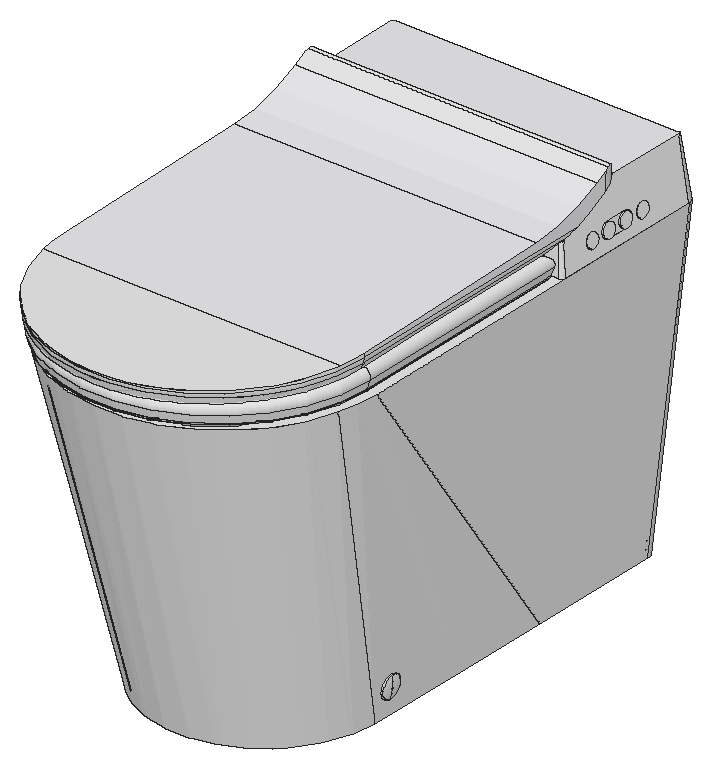
Revit family "NM", category Plumbing Fixtures, host Face, Revit 2022
Family settings
  Host = Face
  Round Connector Dimension = Use Diameter
  Part Type = Normal
  OmniClass Number = 23.31.19.00
  Cut with Voids When Loaded = No
  Maintain Annotation Orientation = No
  Shared = No
  Room Calculation Point = No
Parameters (values of type "0-White")
  Width = 14.49606"  # constant formula
  WaterSense Certified = 1 = 0  # no
  Waste Water Outlet = "Waste Water Outlet"  # constant formula
  Waste Connection = 1 = 1  # yes
  Voltage = 240 V  # constant formula
  Vent Connection = 1 = 0  # no
  URL = "https://www.kohler.com.vn/en/"
  Type = 1
  Seat Included = 1 = 0  # no
  Rough-In = 12 1/128"  # constant formula
  Product Page URL = ""
  Product Name = "Leap"  # constant formula
  Product Documentation Link = ""
  Pressure = 0.00 psi
  Model = if(Type = 1, "K-28529NM-0", "NA")  # "K-28529NM-0"
  Material = "Vitreous China"  # constant formula
  Master Format 2014 Name = "Residential Water Closets"  # constant formula
  Master Format 2014 = "22 42 13.13"  # constant formula
  Manufacturer Address = "Suite 1805, 18th Floor, CJ building, 2Bis-4-6 Le Thanh Ton, Ben Nghe Ward, District"  # constant formula
  Manufacturer = "Kohler Co."  # constant formula
  Length = 26 205/256"  # constant formula
  Hot Water Inlet = "Hot Water Inlet"  # constant formula
  Height = 19.36614"  # constant formula
  HW Connection = 1 = 0  # no
  Flush Rate- LPF = "LPF"
  Flush Rate- GPF = "GPF"
  Flow Rate = 0 GPM
  Finish = Kohler-Vitreous_China-0-White
  Environmental Product Declaration = ""
  Electrical Note = "One Dedicated Circuit Required"  # constant formula
  Electrical Connector = 1 = 1  # yes
  Description = "Intelligent Toilet S305"  # constant formula
  Default Elevation = 0"
  Declare Label = ""
  Date Modified = "04/01/2025"  # constant formula
  Date Created = "04/01/2025"  # constant formula
  Copyright = "Copyright Kohler Co."  # constant formula
  Contact Us = "https://www.kohler.com.vn/en/contact-us"
  Cold Water Inlet = "Cold Water Inlet"  # constant formula
  CW Connection = 1 = 1  # yes
  Bowl Height = 15.74803"  # constant formula
  Assembly Code = "D2010100"
  Apparent Load = 1200 VA  # constant formula
  ADA Compliant = 1 = 0  # no
Reference planes (in)
  plane 1 "Center (Front/Back)": y = 0
  plane 2: z = 0
  plane 3 "Center (Left/Right)": x = 0
  plane 4: z = 19.36614
  plane 5: z = 15.74803
  plane 6: x = -7.24803
  plane 7: x = 7.24803
  plane 8: z = 4.05092
  plane 9: z = 4.63274
  plane 10: x = 6.00984
  plane 11: x = -5.98918
  plane 12: y = -0.78734
  plane 13: y = -27.58812
  plane 14: z = 1.37402
  plane 15: y = -16.74803
  plane 16: y = -12.00781
  plane 17: z = 16.93701
  plane 18: y = -4.13386
  plane 19: x = 5.41339
  plane 20: x = -5.41339
  plane 21: y = -21.65348
  plane 22: y = -22.47238
Dimensions and locks (in)
  plane 5 to plane 17 = 1.18898"
  "Length": plane 12 to plane 13
  "Height": level to plane 4
  "Rough-In": plane 1 "Center (Front/Back)" to plane 16
  plane 1 "Center (Front/Back)" to plane 15 = 16.74803"
  plane 14 to level = 1.37402"
  "Bowl Height": plane 5 to level
  plane 6 to plane 7 = 14.49606"
  plane 11 to plane 10 = 11.99902"
  plane 20 to plane 19 = 10.82677"
  plane 12 to plane 16 = 11.22047"
  plane 16 to plane 22 = 10.46457"
  plane 16 to plane 21 = 9.64567"
  plane 1 "Center (Front/Back)" to plane 12 = 0.78734"
  "Width": plane 6 to plane 7
  plane 9 to level = 4.63274"
  plane 19 to plane 20 = 10.82677"
  aligned and locked: plane 2 to host face
  aligned and locked: level to host face
  aligned and locked: plane 3 "Center (Left/Right)" to nested 1
  aligned and locked: nested 1 to plane 16
Automatic sketch dimensions
  host sketch curve to host sketch curve = 96"  (x2)
Nested families (in)
  nested 1: "K-28529NM" at (0, 0.00006, 0), type "K-28529NM"
Connectors (in)
  piping at (0, -12.00781, 0), diameter 2.63672, driven by "Waste Connection", driven by "Waste Water Outlet"
    settings: on nested 1, index 3, connector inside diameter 24", connector length 0", flow factor 0, pipe flow 0 GPM, pressure drop 0.00 psi, fitting loss kfactor 0, connector angle 0.00°, fixture units 0, engagement length 0", angle of deflection 0.00°, flow configuration 0, flow direction 2, fitting loss method 0, system type 16, joint type 0, gender type 0, connector reference index -1, connector utility 1, adjustable connector no, is connector primary yes, connector description "Waste Water Outlet"
  piping at (-5.98918, -4.1338, 4.63274), diameter 0.375, driven by "CW Connection", driven by "Cold Water Inlet"
    settings: on nested 1, index 4, connector inside diameter 24", connector length 0", flow factor 0, pipe flow 0 GPM, pressure drop 0.00 psi, fitting loss kfactor 0, connector angle 0.00°, fixture units 0, engagement length 0", angle of deflection 0.00°, flow configuration 0, flow direction 1, fitting loss method 0, system type 20, joint type 0, gender type 0, connector reference index -1, connector utility 1, adjustable connector no, is connector primary no, connector description "Cold Water Inlet"
  electrical at (-5.98918, -4.1338, 4.05092), driven by "Voltage", driven by "Apparent Load", driven by "Electrical Connector", driven by "Electrical Note"
    settings: on nested 1, index 5, voltage 240 V, apparent load 1200 VA, apparent load phase1 0 VA, apparent load phase2 0 VA, apparent load phase3 0 VA, power factor 1, load classification "Power", number of poles 1, system type 30, power factor state 1, is connector primary yes, connector utility yes, sub classification motor no, connector description "One Dedicated Circuit Required"
Definition of nested family "K-28529NM"
  Parameters
    Material = none
    Default Elevation = 0"
  Reference planes (in)
    plane 1 "Center (Front/Back)": y = 0
    plane 2: z = 0
    plane 3 "Center (Left/Right)": x = 0
    plane 4: y = -0.7874
    plane 5: y = -12.00787
    plane 6: y = -27.58661
    plane 7: z = 15.74803
    plane 8: z = 19.36614
    plane 9: y = -21.65354
    plane 10: x = 6.00984
    plane 11: x = -5.98918
    plane 12 "aa": through (0, -5.96811, 18.39868) normal (0, 0.4548, -0.8906)
    plane 13 "zz": through (6.83853, 0, 18.59229) normal (-0.9906, 0, -0.1371)
    plane 14: z = 4.05092
    plane 15: y = -4.13386
    plane 16: z = 4.63274
    plane 17: x = -7.24803
    plane 18: x = 7.24803
    plane 19: y = -22.34646
    plane 20: y = -16.74803
    plane 21: z = 1.37402
  Forms (in)
    Blend 1, solid, material <- "Material", detail levels medium+fine
      base sketch origin (0, 0, 0) x (1, 0, 0) y (0, 1, 0)
        loop
          line (-5.35715, -1.25984) -> (-5.35715, -7.67699)
          arc (-5.35715, -7.67699) -> (-5.33221, -12.5375) -> (-5.2574, -17.39749) r 473.65749
          arc (-5.2574, -17.39749) -> (0, -22.54808) -> (5.2574, -17.39749) r 5.25851
          arc (5.2574, -17.39749) -> (5.33221, -12.5375) -> (5.35715, -7.67699) r 473.65749
          line (5.35715, -7.67699) -> (5.35715, -1.25984)
          arc (5.35715, -1.25984) -> (5.21878, -0.92578) -> (4.88471, -0.7874) r 0.47244
          line (4.88471, -0.7874) -> (-4.88471, -0.7874)
          arc (-4.88471, -0.7874) -> (-5.21878, -0.92578) -> (-5.35715, -1.25984) r 0.47244
      top sketch origin (0, 0, 0) x (1, 0, 0) y (0, 1, 0)
        loop
          arc (7.24803, -1.1811) -> (7.13272, -0.90271) -> (6.85433, -0.7874) r 0.3937
          line (6.85433, -0.7874) -> (-6.82273, -0.7874)
          arc (-6.82273, -0.7874) -> (-7.10112, -0.90271) -> (-7.21644, -1.1811) r 0.3937
          line (-7.21644, -1.1811) -> (-7.21644, -19.76739)
          arc (-7.21644, -19.76739) -> (-7.11617, -20.96747) -> (-6.81816, -22.13427) r 7.23223
          arc (-6.81816, -22.13427) -> (0.24036, -26.99613) -> (6.9835, -21.70552) r 7.23223
          arc (6.9835, -21.70552) -> (7.18159, -20.74544) -> (7.24803, -19.76739) r 7.23223
          line (7.24803, -19.76739) -> (7.24803, -1.1811)
      from 0 to 15.74803
    Blend 2, solid, material <- "Material", detail levels medium+fine
      base sketch origin (0, 0, 0) x (1, 0, 0) y (0, 1, 0)
        loop
          arc (1.04424, -15.20312) -> (1.28968, -14.4358) -> (1.03191, -13.67253) r 1.28972
          arc (1.03191, -13.67253) -> (0.12136, -13.16219) -> (-0.86868, -13.49289) r 1.28972
          arc (-0.86868, -13.49289) -> (-1.27739, -14.26822) -> (-1.09617, -15.12575) r 1.28972
          arc (-1.09617, -15.12575) -> (-0.04659, -15.73507) -> (1.04424, -15.20312) r 1.28972
      top sketch origin (0, 0, 0) x (1, 0, 0) y (0, 1, 0)
        loop
          arc (-5.08401, -22.50659) -> (0, -26.1414) -> (5.08401, -22.50659) r 5.37291
          arc (5.08401, -22.50659) -> (5.80138, -19.00553) -> (5.61376, -15.43665) r 14.07332
          arc (5.61376, -15.43665) -> (0, -10.75147) -> (-5.61376, -15.43665) r 5.70578
          arc (-5.61376, -15.43665) -> (-5.80138, -19.00553) -> (-5.08401, -22.50659) r 14.07332
      from 6.62557 to 15.74803
    Blend 3, void
      base sketch origin (0, 0, 0) x (1, 0, 0) y (0, 1, 0)
        loop
          arc (-1.28724, -13.93558) -> (-1.23658, -14.6763) -> (-1.17662, -15.41633) r 59.18802
          arc (-1.17662, -15.41633) -> (0, -16.49467) -> (1.17662, -15.41633) r 1.1811
          arc (1.17662, -15.41633) -> (1.23658, -14.6763) -> (1.28724, -13.93558) r 59.18802
          arc (1.28724, -13.93558) -> (0, -12.56592) -> (-1.28724, -13.93558) r 1.28972
      top sketch origin (0, 0, 0) x (1, 0, 0) y (0, 1, 0)
        loop
          arc (-5.08401, -22.50659) -> (0, -26.1414) -> (5.08401, -22.50659) r 5.37291
          arc (5.08401, -22.50659) -> (5.80138, -19.00553) -> (5.61376, -15.43665) r 14.07332
          arc (5.61376, -15.43665) -> (0, -10.75147) -> (-5.61376, -15.43665) r 5.70578
          arc (-5.61376, -15.43665) -> (-5.80138, -19.00553) -> (-5.08401, -22.50659) r 14.07332
      from 6.62557 to 15.74803
    Sweep 4, solid, material <- "Material", detail levels medium+fine
      path origin (0, 0, 0) x (0, 1, 0) y (0, 0, 1)
        loop
          line (-12.00787, -5.776) -> (-12.00787, 0.32888)
          arc (-12.00787, 0.32888) -> (-11.40267, 1.98153) -> (-9.87331, 2.85249) r 2.55906
          arc (-9.87331, 2.85249) -> (-6.76803, 3.86344) -> (-4.093, 5.73669) r 11.06673
          arc (-4.093, 5.73669) -> (-4.0493, 9.04716) -> (-7.35978, 9.00346) r 2.31076
          arc (-7.35978, 9.00346) -> (-9.79631, 6.79875) -> (-12.5397, 4.99008) r 21.55142
          arc (-12.5397, 4.99008) -> (-13.87, 5.00708) -> (-14.5303, 6.16207) r 1.34031
          line (-14.5303, 6.16207) -> (-14.5303, 11.74274)
      profile origin (0, -12.00787, -2.72356) x (0, -1, 0) y (1, 0, 0)
        loop
          circle (0, 0) r 1.33858
    Blend 5, solid, detail levels medium+fine
      base sketch origin (0, 0, 0) x (1, 0, 0) y (0, 1, 0)
        loop
          line (-7.23223, -1.1811) -> (-7.23223, -8.49563)
          arc (-7.23223, -8.49563) -> (-7.17458, -8.63482) -> (-7.03538, -8.69248) r 0.19685
          line (-7.03538, -8.69248) -> (-6.17053, -8.69248)
          arc (-6.17053, -8.69248) -> (-6.03134, -8.75013) -> (-5.97368, -8.88933) r 0.19685
          line (-5.97368, -8.88933) -> (-5.97368, -12.09458)
          arc (-5.97368, -12.09458) -> (-5.91603, -12.23377) -> (-5.77683, -12.29143) r 0.19685
          line (-5.77683, -12.29143) -> (5.73302, -12.29143)
          arc (5.73302, -12.29143) -> (5.87221, -12.23377) -> (5.92987, -12.09458) r 0.19685
          line (5.92987, -12.09458) -> (5.92987, -8.88319)
          arc (5.92987, -8.88319) -> (5.98753, -8.74399) -> (6.12672, -8.68634) r 0.19685
          line (6.12672, -8.68634) -> (7.03538, -8.68634)
          arc (7.03538, -8.68634) -> (7.17458, -8.62868) -> (7.23223, -8.48948) r 0.19685
          line (7.23223, -8.48948) -> (7.23223, -1.1811)
          arc (7.23223, -1.1811) -> (7.11692, -0.90271) -> (6.83853, -0.7874) r 0.3937
          line (6.83853, -0.7874) -> (-6.83853, -0.7874)
          arc (-6.83853, -0.7874) -> (-7.11692, -0.90271) -> (-7.23223, -1.1811) r 0.3937
      top sketch origin (0, 0, 0) x (1, 0, 0) y (0, 1, 0)
        loop
          line (-6.83853, -1.29921) -> (-6.83853, -8.18067)
          arc (-6.83853, -8.18067) -> (-6.80394, -8.26418) -> (-6.72042, -8.29878) r 0.11811
          line (-6.72042, -8.29878) -> (-5.65872, -8.29878)
          arc (-5.65872, -8.29878) -> (-5.60305, -8.32184) -> (-5.57998, -8.37752) r 0.07874
          line (-5.57998, -8.37752) -> (-5.57998, -11.81899)
          arc (-5.57998, -11.81899) -> (-5.55692, -11.87466) -> (-5.50124, -11.89773) r 0.07874
          line (-5.50124, -11.89773) -> (5.45743, -11.89773)
          arc (5.45743, -11.89773) -> (5.51311, -11.87466) -> (5.53617, -11.81899) r 0.07874
          line (5.53617, -11.81899) -> (5.53617, -8.37137)
          arc (5.53617, -8.37137) -> (5.55923, -8.3157) -> (5.61491, -8.29263) r 0.07874
          line (5.61491, -8.29263) -> (6.75979, -8.29263)
          arc (6.75979, -8.29263) -> (6.81547, -8.26957) -> (6.83853, -8.21389) r 0.07874
          line (6.83853, -8.21389) -> (6.83853, -1.29921)
          arc (6.83853, -1.29921) -> (6.80394, -1.2157) -> (6.72042, -1.1811) r 0.11811
          line (6.72042, -1.1811) -> (-6.72042, -1.1811)
          arc (-6.72042, -1.1811) -> (-6.80394, -1.2157) -> (-6.83853, -1.29921) r 0.11811
      from 15.74803 to 18.59229
    Extrusion 6, void
      sketch origin (0, 0, 0) x (0, 1, 0) y (0, 0, 1)
        loop
          line (-13.03567, 16.96863) -> (-10.47661, 16.96863)
          arc (-10.47661, 16.96863) -> (-7.28224, 17.51541) -> (-4.45158, 19.09347) r 9.6045
          line (-4.45158, 19.09347) -> (-4.45158, 22.00586) -> (-13.03567, 22.00586) -> (-13.03567, 16.96863)
      from -7.81269 to 7.85948
    Sweep 7, solid, detail levels medium+fine
      path origin (0, 0, 0) x (1, 0, 0) y (0, 1, 0)
        loop
          line (-5.97368, -9.1348) -> (-7.23757, -9.1348) -> (-7.23757, -20.10729)
          arc (-7.23757, -20.10729) -> (-0.00004, -27.34483) -> (7.2375, -20.10729) r 7.23754
          line (7.2375, -20.10729) -> (7.2375, -9.13429) -> (5.92987, -9.13429)
      profile origin (-0.00004, -27.34483, 0) x (0, 1, 0) y (0, 0, 1)
        loop
          line (0.76134, 16.98035) -> (0.4043, 16.98035)
          arc (0.4043, 16.98035) -> (0.09009, 16.82386) -> (0.02566, 16.47879) r 0.3937
          line (0.02566, 16.47879) -> (0.13962, 16.07874)
          arc (0.13962, 16.07874) -> (0.14839, 16.06496) -> (0.16327, 16.05821) r 0.02866
          line (0.16327, 16.05821) -> (0.17897, 16.00311)
          arc (0.17897, 16.00311) -> (0.187, 15.98997) -> (0.20065, 15.98285) r 0.02877
          line (0.20065, 15.98285) -> (0.56449, 15.90552) -> (0.76134, 15.90552) -> (0.76134, 16.98035)
    Sweep 8, solid, detail levels medium+fine
      path origin (0, 0, 0) x (1, 0, 0) y (0, 1, 0)
        loop
          arc (2.4823, -23.64191) -> (3.9236, -19.97802) -> (3.8441, -16.04163) r 10.03318
          arc (3.8441, -16.04163) -> (0, -12.95489) -> (-3.8441, -16.04163) r 3.93701
          arc (-3.8441, -16.04163) -> (-3.9236, -19.97802) -> (-2.4823, -23.64191) r 10.03318
          arc (-2.4823, -23.64191) -> (0, -24.99561) -> (2.4823, -23.64191) r 2.95276
      profile origin (0, -24.99561, 0) x (0, -1, 0) y (0, 0, 1)
        loop
          line (1.13914, 15.90642) -> (1.13914, 16.98035) -> (0.92069, 16.98035)
          arc (0.92069, 16.98035) -> (0.53316, 16.865) -> (0.27179, 16.55651) r 0.70866
          line (0.27179, 16.55651) -> (-0.08308, 15.74803) -> (0.31743, 15.74803) -> (0.43458, 15.80815)
          arc (0.43458, 15.80815) -> (0.63212, 15.8815) -> (0.84137, 15.90642) r 0.89105
          line (0.84137, 15.90642) -> (1.13914, 15.90642)
    Extrusion 9, solid, detail levels medium+fine
      sketch origin (0, 0, 0) x (1, 0, 0) y (0, 1, 0)
        loop
          arc (-6.47623, -20.10729) -> (-0.00004, -26.58349) -> (6.47616, -20.10729) r 6.4762
          line (6.47616, -20.10729) -> (6.47616, -9.1348) -> (-6.47623, -9.1348) -> (-6.47623, -20.10729)
        loop
          arc (-4.95636, -15.79562) -> (-5.04488, -20.17893) -> (-3.43994, -24.25881) r 11.17232
          arc (-3.43994, -24.25881) -> (0, -26.13475) -> (3.43994, -24.25881) r 4.0919
          arc (3.43994, -24.25881) -> (5.04488, -20.17893) -> (4.95636, -15.79562) r 11.17232
          arc (4.95636, -15.79562) -> (0, -11.81575) -> (-4.95636, -15.79562) r 5.07615
      from 15.90552 to 16.98035
    Sweep 10, solid, detail levels medium+fine
      path origin (0, 0, 0) x (1, 0, 0) y (0, 1, 0)
        loop
          line (-7.17495, -6.04971) -> (-7.17495, -20.41351)
          arc (-7.17495, -20.41351) -> (-0.00072, -27.58774) -> (7.17351, -20.41351) r 7.17423
          line (7.17351, -20.41351) -> (7.17351, -6.04971)
          arc (7.17351, -6.04971) -> (6.91982, -5.43726) -> (6.30737, -5.18357) r 0.86614
          line (6.30737, -5.18357) -> (-6.3088, -5.18357)
          arc (-6.3088, -5.18357) -> (-6.92126, -5.43726) -> (-7.17495, -6.04971) r 0.86614
      profile origin (-0.00072, -27.58774, 0) x (0, 1, 0) y (0, 0, 1)
        loop
          line (0, 19.4496) -> (0, 17.55087)
          arc (0, 17.55087) -> (0.0072, 17.44465) -> (0.02866, 17.34037) r 0.7874
          line (0.02866, 17.34037) -> (0.12235, 17.00267) -> (0.46752, 17.00267) -> (0.46752, 19.4496) -> (0, 19.4496)
    Extrusion 11, solid, detail levels medium+fine
      sketch origin (0, 0, 0) x (1, 0, 0) y (0, 1, 0)
        loop
          arc (-6.70743, -20.41351) -> (-0.00072, -27.12022) -> (6.70599, -20.41351) r 6.70671
          line (6.70599, -20.41351) -> (6.70599, -6.04971)
          arc (6.70599, -6.04971) -> (6.58924, -5.76784) -> (6.30737, -5.65109) r 0.39862
          line (6.30737, -5.65109) -> (-6.3088, -5.65109)
          arc (-6.3088, -5.65109) -> (-6.59067, -5.76784) -> (-6.70743, -6.04971) r 0.39862
          line (-6.70743, -6.04971) -> (-6.70743, -20.41351)
      from 17.00267 to 19.4496
    Extrusion 12, void
      sketch origin (0, 0, 0) x (0, 1, 0) y (0, 0, 1)
        loop
          line (-28.0501, 17.61415) -> (-28.0501, 17.02997) -> (-16.53126, 17.17472)
          arc (-16.53126, 17.17472) -> (-13.07574, 17.21488) -> (-9.62016, 17.2485) r 1828.21416
          arc (-9.62016, 17.2485) -> (-8.23545, 17.42197) -> (-6.92756, 17.90874) r 6.0372
          line (-6.92756, 17.90874) -> (-5.96811, 18.39868)
          arc (-5.96811, 18.39868) -> (-5.63076, 18.62807) -> (-5.36067, 18.93381) r 1.63568
          line (-5.36067, 18.93381) -> (-5.55783, 19.22659)
          arc (-5.55783, 19.22659) -> (-5.67337, 19.30761) -> (-5.81343, 19.2905) r 0.19685
          line (-5.81343, 19.2905) -> (-6.54318, 18.90298)
          arc (-6.54318, 18.90298) -> (-8.29159, 18.22153) -> (-10.15011, 17.96225) r 8.07087
          arc (-10.15011, 17.96225) -> (-15.89578, 17.84089) -> (-21.64166, 17.73074) r 2944.52408
          line (-21.64166, 17.73074) -> (-28.0501, 17.61415)
        loop
          line (-28.59758, 20.15324) -> (-28.59758, 16.79498) -> (-4.64315, 16.79498) -> (-4.64315, 20.15324) -> (-28.59758, 20.15324)
      from -8.69124 to 9.84252
    Extrusion 13, void
      sketch origin (0, 0, 0) x (0, 1, 0) y (0, 0, 1)
        loop
          line (-14.54389, 0.01551) -> (-14.54389, -6.10236) -> (-9.81948, -6.10236) -> (-9.81948, 0.01551) -> (-14.54389, 0.01551)
      from -1.92433 to 1.81587
    Revolve 14, solid, detail levels medium+fine
      sketch origin (0, -22.96998, 0) x (1, 0, 0) y (0, 0, 1)
        loop
          line (-5.37058, 16.9566) -> (-5.33474, 16.9566)
          arc (-5.33474, 16.9566) -> (-5.06702, 17.06749) -> (-4.95612, 17.33522) r 0.37862
          line (-4.95612, 17.33522) -> (-4.95612, 17.61811) -> (-5.37058, 17.61811) -> (-5.37058, 16.9566)
        axis (-5.37058, 16.9566) -> (-5.37058, 17.61811)
      angle from 0 to 360
    Revolve 15, solid, detail levels medium+fine
      sketch origin (0, -22.96998, 0) x (-1, 0, 0) y (0, 0, -1)
        loop
          line (-5.37058, -16.9566) -> (-5.37058, -17.61811) -> (-4.95612, -17.61811) -> (-4.95612, -17.33522)
          arc (-4.95612, -17.33522) -> (-5.06702, -17.06749) -> (-5.33474, -16.9566) r 0.37862
          line (-5.33474, -16.9566) -> (-5.37058, -16.9566)
        axis (-5.37058, -16.9566) -> (-5.37058, -17.61811)
      angle from 0 to 360
    Extrusion 16, solid, material <- "Material", detail levels medium+fine
      sketch origin (0, 0, 0) x (1, 0, 0) y (0, 1, 0)
        loop
          line (4.97138, -23.54979) -> (5.28636, -23.23481)
          arc (5.28636, -23.23481) -> (5.28636, -22.95642) -> (5.00797, -22.95642) r 0.19685
          line (5.00797, -22.95642) -> (4.69299, -23.2714)
          arc (4.69299, -23.2714) -> (4.69299, -23.54979) -> (4.97138, -23.54979) r 0.19685
        loop
          arc (-4.97138, -23.54979) -> (-4.69299, -23.54979) -> (-4.69299, -23.2714) r 0.19685
          line (-4.69299, -23.2714) -> (-5.00797, -22.95642)
          arc (-5.00797, -22.95642) -> (-5.28636, -22.95642) -> (-5.28636, -23.23481) r 0.19685
          line (-5.28636, -23.23481) -> (-4.97138, -23.54979)
        loop
          line (6.33859, -16.44818) -> (6.33859, -15.91798)
          arc (6.33859, -15.91798) -> (6.14174, -15.72112) -> (5.94489, -15.91798) r 0.19685
          line (5.94489, -15.91798) -> (5.94489, -16.44818)
          arc (5.94489, -16.44818) -> (6.14174, -16.64503) -> (6.33859, -16.44818) r 0.19685
        loop
          arc (-6.33859, -16.44818) -> (-6.14174, -16.64503) -> (-5.94489, -16.44818) r 0.19685
          line (-5.94489, -16.44818) -> (-5.94489, -15.91798)
          arc (-5.94489, -15.91798) -> (-6.14174, -15.72112) -> (-6.33859, -15.91798) r 0.19685
          line (-6.33859, -15.91798) -> (-6.33859, -16.44818)
      from 15.86858 to 16.40889
    Extrusion 17, solid, detail levels medium+fine
      sketch origin (0, -8.68648, 17.01054) x (0, 0.8906, 0.454787) y (1, 0, 0)
        loop
          line (3.38966, 5.78421) -> (2.59571, 5.78421)
          arc (2.59571, 5.78421) -> (2.39502, 5.70108) -> (2.31189, 5.50039) r 0.28382
          line (2.31189, 5.50039) -> (2.31189, 5.18756)
          arc (2.31189, 5.18756) -> (2.38178, 5.01884) -> (2.5505, 4.94896) r 0.2386
          line (2.5505, 4.94896) -> (3.38966, 4.94896) -> (3.38966, 5.78421)
        loop
          line (3.38966, -4.94414) -> (2.59571, -4.94414)
          arc (2.59571, -4.94414) -> (2.39502, -5.02727) -> (2.31189, -5.22796) r 0.28382
          line (2.31189, -5.22796) -> (2.31189, -5.54079)
          arc (2.31189, -5.54079) -> (2.38178, -5.70951) -> (2.5505, -5.77939) r 0.2386
          line (2.5505, -5.77939) -> (3.38966, -5.77939) -> (3.38966, -4.94414)
      from -0.3851 to 0.65953
    Extrusion 18, void
      sketch origin (2.36162, 0, -0.81484) x (0, 1, 0) y (-0.137112, 0, 0.990556)
        loop
          arc (-5.86097, 16.98312) -> (-6.25015, 16.59394) -> (-5.86097, 16.20477) r 0.38918
          line (-5.86097, 16.20477) -> (-4.84161, 16.20477)
          arc (-4.84161, 16.20477) -> (-4.45243, 16.59394) -> (-4.84161, 16.98312) r 0.38918
          line (-4.84161, 16.98312) -> (-5.86097, 16.98312)
      from 7.03856 to 7.65502
    Extrusion 19, solid, detail levels medium+fine
      sketch origin (9.23512, 0, 1.27832) x (-0.137112, 0, 0.990556) y (0, 1, 0)
        loop
          circle (15.46299, -5.86097) r 0.33465
        loop
          circle (15.46299, -4.84161) r 0.33465
        loop
          circle (15.46299, -6.84522) r 0.33465
        loop
          circle (15.46299, -3.85736) r 0.33465
      from -0.07138 to 0.05702
    Revolve 20, solid, detail levels medium+fine
      sketch origin (0.03691, -4.13386, 0) x (-1, 0, 0) y (0, 0, -1)
        loop
          line (5.98129, -3.5114) -> (5.82665, -2.08435)
          arc (5.82665, -2.08435) -> (5.81218, -2.05791) -> (5.78326, -2.04945) r 0.03937
          line (5.78326, -2.04945) -> (5.70764, -2.05764) -> (5.86653, -3.52384) -> (5.98129, -3.5114)
        axis (5.98129, -3.5114) -> (5.86653, -3.52384)
      angle from 0 to 360
    Extrusion 21, void
      sketch origin (0.14311, 0, 0.5971) x (0, 1, 0) y (-0.104528, 0, 0.994522)
        loop
          line (-3.74016, 3.58755) -> (-3.74016, 5.45057) -> (-4.52756, 5.45057) -> (-4.52756, 3.58755)
          arc (-4.52756, 3.58755) -> (-4.13386, 3.19385) -> (-3.74016, 3.58755) r 0.3937
      from -6.31406 to -5.2628
    Extrusion 22, solid, material <- "Material", detail levels medium+fine
      sketch origin (0, 0, 0) x (1, 0, 0) y (0, 1, 0)
        loop
          circle (0, -12.00787) r 0.7874
      from 0 to 0.43097
    Extrusion 23, solid, material <- "Material", detail levels coarse
      sketch origin (0, 0, 0) x (1, 0, 0) y (0, 1, 0)
        loop
          arc (7.24803, -1.1811) -> (7.13272, -0.90271) -> (6.85433, -0.7874) r 0.3937
          line (6.85433, -0.7874) -> (-6.82273, -0.7874)
          arc (-6.82273, -0.7874) -> (-7.10112, -0.90271) -> (-7.21644, -1.1811) r 0.3937
          line (-7.21644, -1.1811) -> (-7.21644, -19.76739)
          arc (-7.21644, -19.76739) -> (-7.11617, -20.96747) -> (-6.81816, -22.13427) r 7.23223
          arc (-6.81816, -22.13427) -> (0.24036, -26.99613) -> (6.9835, -21.70552) r 7.23223
          arc (6.9835, -21.70552) -> (7.18159, -20.74544) -> (7.24803, -19.76739) r 7.23223
          line (7.24803, -19.76739) -> (7.24803, -1.1811)
      from 0 to 15.74803
    Extrusion 24, solid, detail levels coarse
      sketch origin (0, 0, 0) x (1, 0, 0) y (0, 1, 0)
        loop
          arc (7.23223, -1.1811) -> (7.11692, -0.90271) -> (6.83853, -0.7874) r 0.3937
          line (6.83853, -0.7874) -> (-6.83853, -0.7874)
          arc (-6.83853, -0.7874) -> (-7.11692, -0.90271) -> (-7.23223, -1.1811) r 0.3937
          line (-7.23223, -1.1811) -> (-7.23223, -8.69248) -> (-5.97343, -8.69248) -> (-5.97343, -12.29143) -> (5.92987, -12.29143) -> (5.92987, -8.68634) -> (7.23223, -8.68634) -> (7.23223, -1.1811)
      from 15.74803 to 18.59229
    Extrusion 25, solid, detail levels coarse
      sketch origin (0, 0, 0) x (1, 0, 0) y (0, 1, 0)
        loop
          line (-7.17495, -5.18357) -> (-7.17495, -20.41351)
          arc (-7.17495, -20.41351) -> (-0.00072, -27.58774) -> (7.17351, -20.41351) r 7.17423
          line (7.17351, -20.41351) -> (7.17351, -5.18357) -> (-7.17495, -5.18357)
      from 15.90552 to 19.82764
    Extrusion 26, void
      sketch origin (0, 0, 0) x (0, 1, 0) y (0, 0, 1)
        loop
          line (-28.59758, 17.60418) -> (-21.64166, 17.73074)
          arc (-21.64166, 17.73074) -> (-15.89578, 17.84089) -> (-10.15011, 17.96225) r 2944.52408
          arc (-10.15011, 17.96225) -> (-8.29159, 18.22153) -> (-6.54318, 18.90298) r 8.07087
          line (-6.54318, 18.90298) -> (-5.96502, 19.21)
          arc (-5.96502, 19.21) -> (-5.73008, 19.30008) -> (-5.48034, 19.33071) r 1.03342
          line (-5.48034, 19.33071) -> (-4.64315, 19.33071) -> (-4.64315, 20.15324) -> (-28.59758, 20.15324) -> (-28.59758, 17.60418)
      from -7.85812 to 8.52662
    Extrusion 27, solid, detail levels coarse
      sketch origin (0, 0, 0) x (1, 0, 0) y (0, 1, 0)
        loop
          line (4.97138, -23.54979) -> (5.28636, -23.23481)
          arc (5.28636, -23.23481) -> (5.28636, -22.95642) -> (5.00797, -22.95642) r 0.19685
          line (5.00797, -22.95642) -> (4.69299, -23.2714)
          arc (4.69299, -23.2714) -> (4.69299, -23.54979) -> (4.97138, -23.54979) r 0.19685
        loop
          arc (-4.97138, -23.54979) -> (-4.69299, -23.54979) -> (-4.69299, -23.2714) r 0.19685
          line (-4.69299, -23.2714) -> (-5.00797, -22.95642)
          arc (-5.00797, -22.95642) -> (-5.28636, -22.95642) -> (-5.28636, -23.23481) r 0.19685
          line (-5.28636, -23.23481) -> (-4.97138, -23.54979)
        loop
          line (6.33859, -16.44818) -> (6.33859, -15.91798)
          arc (6.33859, -15.91798) -> (6.14174, -15.72112) -> (5.94489, -15.91798) r 0.19685
          line (5.94489, -15.91798) -> (5.94489, -16.44818)
          arc (5.94489, -16.44818) -> (6.14174, -16.64503) -> (6.33859, -16.44818) r 0.19685
        loop
          arc (-6.33859, -16.44818) -> (-6.14174, -16.64503) -> (-5.94489, -16.44818) r 0.19685
          line (-5.94489, -16.44818) -> (-5.94489, -15.91798)
          arc (-5.94489, -15.91798) -> (-6.14174, -15.72112) -> (-6.33859, -15.91798) r 0.19685
          line (-6.33859, -15.91798) -> (-6.33859, -16.44818)
      from 15.74803 to 15.90552
    Revolve 28, solid, detail levels medium+fine
      sketch origin (0.14339, -16.72606, -0.27619) x (0.998901, 0, 0.046868) y (-0.046868, 0, 0.998901)
        loop
          line (5.02441, 1.43252) -> (5.50519, 1.36608) -> (5.50951, 1.39728)
          arc (5.50951, 1.39728) -> (5.52943, 1.64251) -> (5.5217, 1.88843) r 2.18803
          arc (5.5217, 1.88843) -> (5.48927, 1.91808) -> (5.45693, 1.88833) r 0.0325
          line (5.45693, 1.88833) -> (5.43036, 1.57514) -> (5.05136, 1.62752) -> (5.02441, 1.43252)
        axis (5.50519, 1.36608) -> (5.02441, 1.43252)
      angle from 0 to 360
    Revolve 29, solid, detail levels medium+fine
      sketch origin (-0.09426, -16.74006, -0.23312) x (-0.998901, 0, 0.046868) y (-0.046868, 0, -0.998901)
        loop
          line (5.02441, -1.43252) -> (5.05136, -1.62752) -> (5.43036, -1.57514) -> (5.45693, -1.88833)
          arc (5.45693, -1.88833) -> (5.48927, -1.91808) -> (5.5217, -1.88843) r 0.0325
          arc (5.5217, -1.88843) -> (5.52943, -1.64251) -> (5.50951, -1.39728) r 2.18803
          line (5.50951, -1.39728) -> (5.50519, -1.36608) -> (5.02441, -1.43252)
        axis (5.50519, -1.36608) -> (5.02441, -1.43252)
      angle from 0 to 360
    Extrusion 30, solid, detail levels medium+fine
      sketch origin (0, 0, 0) x (0, 1, 0) y (0, 0, 1)
        loop
          circle (-4.13386, 4.63274) r 0.11811
        loop
          circle (-4.13386, 4.05092) r 0.11811
      from -5.98918 to -5.79876
    Extrusion 31, void
      sketch origin (0, 0, 0) x (0, 1, 0) y (0, 0, 1)
        loop
          circle (-1.90018, 17.16295) r 0.16054
        loop
          arc (-5.05206, 17.84168) -> (-5.06971, 17.88429) -> (-5.11232, 17.90193) r 0.06025
          line (-5.11232, 17.90193) -> (-6.02914, 17.90193) -> (-6.84257, 17.45104)
          arc (-6.84257, 17.45104) -> (-6.88039, 17.41449) -> (-6.89484, 17.36391) r 0.10149
          line (-6.89484, 17.36391) -> (-6.92096, 15.74016) -> (-5.05206, 15.74016) -> (-5.05206, 17.84168)
      from -7.58906 to -6.47623
    Extrusion 32, solid, detail levels medium+fine
      sketch origin (-1.9685, 0, 0) x (0, 1, 0) y (0, 0, 1)
        loop
          circle (-1.90018, 17.16295) r 0.16054
      from -5.14703 to -4.96668
    Extrusion 33, solid, detail levels medium+fine
      sketch origin (0, 0, 0) x (0, 1, 0) y (0, 0, 1)
        loop
          line (-5.05994, 15.74803) -> (-5.05994, 17.84168)
          arc (-5.05994, 17.84168) -> (-5.07528, 17.87872) -> (-5.11232, 17.89406) r 0.05238
          line (-5.11232, 17.89406) -> (-6.02711, 17.89406) -> (-6.83875, 17.44416)
          arc (-6.83875, 17.44416) -> (-6.87364, 17.41044) -> (-6.88697, 17.36379) r 0.09361
          line (-6.88697, 17.36379) -> (-6.91296, 15.74803) -> (-5.05994, 15.74803)
      from -7.55058 to -6.131
    Extrusion 34, void
      sketch origin (0, 0, 0) x (1, 0, 0) y (0, 0, 1)
        loop
          line (-7.24725, 15.63953) -> (-6.83853, 18.59229) -> (-7.82278, 18.59229) -> (-7.82278, 15.63953) -> (-7.24725, 15.63953)
      from 1.1811 to 7.47962
    Blend 35, void
      base sketch origin (0, 0, 0) x (1, 0, 0) y (0, 1, 0)
        loop
          arc (5.1603, -1.37795) -> (5.04499, -1.09956) -> (4.7666, -0.98425) r 0.3937
          line (4.7666, -0.98425) -> (-4.7666, -0.98425)
          arc (-4.7666, -0.98425) -> (-5.04499, -1.09956) -> (-5.1603, -1.37795) r 0.3937
          line (-5.1603, -1.37795) -> (-5.1603, -7.67699)
          arc (-5.1603, -7.67699) -> (-5.13537, -12.53548) -> (-5.06059, -17.39345) r 473.46064
          arc (-5.06059, -17.39345) -> (0, -22.35123) -> (5.06059, -17.39345) r 5.06166
          arc (5.06059, -17.39345) -> (5.13537, -12.53548) -> (5.1603, -7.67699) r 473.46064
          line (5.1603, -7.67699) -> (5.1603, -1.37795)
      top sketch origin (0, 0, 0) x (1, 0, 0) y (0, 1, 0)
        loop
          line (7.05118, -19.76739) -> (7.05118, -1.1811)
          arc (7.05118, -1.1811) -> (6.99352, -1.04191) -> (6.85433, -0.98425) r 0.19685
          line (6.85433, -0.98425) -> (-6.83853, -0.98425)
          arc (-6.83853, -0.98425) -> (-6.94702, -1.01685) -> (-7.01958, -1.10384) r 0.19685
          line (-7.01958, -1.10384) -> (-7.01958, -19.76739)
          arc (-7.01958, -19.76739) -> (-6.92205, -20.9348) -> (-6.63215, -22.06985) r 7.03538
          arc (-6.63215, -22.06985) -> (0.23425, -26.79938) -> (6.79385, -21.65276) r 7.03538
          arc (6.79385, -21.65276) -> (6.98655, -20.71881) -> (7.05118, -19.76739) r 7.03538
      from 0 to 15.36421
    Blend 36, void
      base sketch origin (0, 0, 0) x (1, 0, 0) y (0, 1, 0)
        loop
          arc (-1.08662, -15.00596) -> (-0.09698, -15.62622) -> (0.94193, -15.09259) r 1.1811
          arc (0.94193, -15.09259) -> (1.13433, -14.42547) -> (0.91865, -13.76552) r 1.1811
          arc (0.91865, -13.76552) -> (0.12696, -13.27791) -> (-0.77228, -13.51432) r 1.1811
          arc (-0.77228, -13.51432) -> (-1.20231, -14.20264) -> (-1.08662, -15.00596) r 1.1811
      top sketch origin (0, 0, 0) x (1, 0, 0) y (0, 1, 0)
        loop
          arc (-4.97225, -22.46838) -> (0, -26.02329) -> (4.97225, -22.46838) r 5.2548
          arc (4.97225, -22.46838) -> (5.6836, -18.9967) -> (5.49755, -15.45778) r 13.95521
          arc (5.49755, -15.45778) -> (0, -10.86958) -> (-5.49755, -15.45778) r 5.58767
          arc (-5.49755, -15.45778) -> (-5.6836, -18.9967) -> (-4.97225, -22.46838) r 13.95521
      from 6.62557 to 15.74803
    Extrusion 37, void
      sketch origin (0, 0, 0) x (1, 0, 0) y (0, 0, 1)
        loop
          arc (4.10687, 1.20949) -> (4.62862, 1.40716) -> (4.8884, 1.90093) r 0.7874
          line (4.8884, 1.90093) -> (6.2903, 13.31847)
          arc (6.2903, 13.31847) -> (6.1944, 13.62732) -> (5.89954, 13.76015) r 0.3937
          line (5.89954, 13.76015) -> (-5.79613, 13.76015)
          arc (-5.79613, 13.76015) -> (-6.08974, 13.62873) -> (-6.18734, 13.32223) r 0.3937
          line (-6.18734, 13.32223) -> (-4.89727, 1.90846)
          arc (-4.89727, 1.90846) -> (-4.63943, 1.40968) -> (-4.11485, 1.20949) r 0.7874
          line (-4.11485, 1.20949) -> (4.10687, 1.20949)
      from 0 to 3.74016
    Extrusion 38, solid, material <- "Material", detail levels medium+fine
      sketch origin (0, 0, 0) x (1, 0, 0) y (0, 0, 1)
        loop
          line (0.279, 0.43097) -> (0.279, 11.83266)
          arc (0.279, 11.83266) -> (0.33666, 11.97185) -> (0.47585, 12.02951) r 0.19685
          line (0.47585, 12.02951) -> (0.92786, 12.02951)
          arc (0.92786, 12.02951) -> (1.06705, 12.08717) -> (1.12471, 12.22636) r 0.19685
          line (1.12471, 12.22636) -> (1.12471, 12.97274)
          arc (1.12471, 12.97274) -> (1.35533, 13.52952) -> (1.91211, 13.76015) r 0.7874
          line (1.91211, 13.76015) -> (2.69951, 13.76015) -> (2.69951, 15.74803) -> (-2.71388, 15.74803) -> (-2.71388, 13.76015) -> (-1.92647, 13.76015)
          arc (-1.92647, 13.76015) -> (-1.3697, 13.52952) -> (-1.13907, 12.97274) r 0.7874
          line (-1.13907, 12.97274) -> (-1.13907, 12.22636)
          arc (-1.13907, 12.22636) -> (-1.08142, 12.08717) -> (-0.94222, 12.02951) r 0.19685
          line (-0.94222, 12.02951) -> (-0.49022, 12.02951)
          arc (-0.49022, 12.02951) -> (-0.35102, 11.97185) -> (-0.29337, 11.83266) r 0.19685
          line (-0.29337, 11.83266) -> (-0.29337, 0.43097) -> (0.279, 0.43097)
      from 0.7874 to 25.74175
    Extrusion 39, solid, material <- "Material", detail levels medium+fine
      sketch origin (0, 0, 0) x (1, 0, 0) y (0, 1, 0)
        loop
          line (2.82267, -14.23203) -> (5.11686, -14.23203)
          arc (5.11686, -14.23203) -> (5.16221, -7.60813) -> (5.11458, -0.98425) r 471.94183
          line (5.11458, -0.98425) -> (-5.11449, -0.98425)
          arc (-5.11449, -0.98425) -> (-5.16217, -7.60813) -> (-5.11677, -14.23203) r 471.36904
          line (-5.11677, -14.23203) -> (-2.88599, -14.23203)
          arc (-2.88599, -14.23203) -> (-0.03166, -15.60086) -> (2.82267, -14.23203) r 3.6604
      from 0.43097 to 1.20949
    Blend 40, void
      base sketch origin (0, 0, 0) x (1, 0, 0) y (0, 1, 0)
        loop
          line (-5.04274, -17.74797) -> (-7.21644, -17.74797) -> (-7.21644, -28.81508) -> (7.24803, -28.81508) -> (7.24803, -17.39775) -> (5.06234, -17.39775)
          arc (5.06234, -17.39775) -> (0.17546, -22.35268) -> (-5.04274, -17.74797) r 5.06336
      top sketch origin (0, 0, 0) x (1, 0, 0) y (0, 1, 0)
        loop
          line (-6.9411, -19.64928) -> (-7.33455, -19.64928) -> (-7.33455, -28.93319) -> (7.86163, -28.93319) -> (7.86163, -19.98918) -> (6.95511, -19.98918)
          arc (6.95511, -19.98918) -> (-0.17014, -27.06136) -> (-6.9411, -19.64928) r 6.95615
      from 0 to 15.74803
    Extrusion 41, void
      sketch origin (0, 0, 0) x (0, 1, 0) y (0, 0, 1)
        loop
          line (-14.96063, 6.99682) -> (-20.73021, 12.02951) -> (-27.26467, 12.02951) -> (-23.66548, -0.38016) -> (-14.96063, -0.38016) -> (-14.96063, 6.99682)
      from -1.52206 to 1.12471
    Extrusion 42, solid, material <- "Material", detail levels medium+fine
      sketch origin (0, 0, 0) x (1, 0, 0) y (0, 0, 1)
        loop
          line (5.61695, 12.88428) -> (4.43536, 2.26315)
          arc (4.43536, 2.26315) -> (4.47658, 2.11931) -> (4.60702, 2.046) r 0.19685
          line (4.60702, 2.046) -> (5.38481, 1.9505) -> (6.75545, 13.11348) -> (5.87306, 13.11348)
          arc (5.87306, 13.11348) -> (5.70121, 13.04781) -> (5.61695, 12.88428) r 0.25769
        loop
          arc (-5.64847, 12.88428) -> (-5.73273, 13.04781) -> (-5.90457, 13.11348) r 0.25769
          line (-5.90457, 13.11348) -> (-6.57895, 13.11348) -> (-5.21139, 1.97566) -> (-4.63853, 2.046)
          arc (-4.63853, 2.046) -> (-4.5081, 2.11931) -> (-4.46688, 2.26315) r 0.19685
          line (-4.46688, 2.26315) -> (-5.64847, 12.88428)
      from 0.95584 to 2.56391
  Cuts and joins
    Blend 3, Blend 35, Extrusion 37 cuts Blend 1
    Blend 36, Blend 40, Extrusion 41 cuts Extrusion 38
    joined: Blend 1, Extrusion 38, Extrusion 39, Extrusion 42
    Extrusion 13, Blend 36 cuts Sweep 4
    Extrusion 6, Extrusion 18, Extrusion 31 cuts Blend 5
    joined: Sweep 7, Sweep 8, Extrusion 9
    Extrusion 12 cuts Sweep 10
    Extrusion 12 cuts Extrusion 11
    joined: Sweep 10, Extrusion 11
    Extrusion 21 cuts Revolve 20
    joined: Revolve 20, Extrusion 30
    Extrusion 26 cuts Extrusion 25
    Extrusion 6 cuts Extrusion 24
    Extrusion 34 cuts Extrusion 32
    Extrusion 34 cuts Extrusion 33
    Blend 36 cuts Blend 2
  Lines and regions (in)
    Masking region 1
      outline origin (0, 0, 0) x (1, 0, 0) y (0, 1, 0)
        loop
          line (6.73622, -0.7874) -> (-6.73622, -0.7874)
          arc (-6.73622, -0.7874) -> (-7.09813, -0.93731) -> (-7.24803, -1.29921) r 0.51181
          line (-7.24803, -1.29921) -> (-7.24803, -12.72629)
          arc (-7.24803, -12.72629) -> (-7.21745, -16.70023) -> (-7.1257, -20.67323) r 258.17817
          arc (-7.1257, -20.67323) -> (0, -27.58286) -> (7.1257, -20.67323) r 7.12907
          arc (7.1257, -20.67323) -> (7.21745, -16.70023) -> (7.24803, -12.72629) r 258.17817
          line (7.24803, -12.72629) -> (7.24803, -1.29921)
          arc (7.24803, -1.29921) -> (7.09813, -0.93731) -> (6.73622, -0.7874) r 0.51181
    Masking region 2
      outline origin (0, 0, 0) x (1, 0, 0) y (0, 0, 1)
        loop
          arc (-6.47498, 19.36614) -> (-6.89244, 19.20795) -> (-7.10023, 18.81281) r 0.62992
          line (-7.10023, 18.81281) -> (-7.24803, 15.74803) -> (-6.98085, 15.74803)
          arc (-6.98085, 15.74803) -> (-7.16126, 15.67326) -> (-7.24802, 15.49829) r 0.27807
          line (-7.24802, 15.49829) -> (-7.24802, 15.44195)
          arc (-7.24802, 15.44195) -> (-7.01235, 13.16171) -> (-6.76724, 10.88248) r 553.15289
          arc (-6.76724, 10.88248) -> (-6.44197, 7.9563) -> (-6.10792, 5.03111) r 980.80627
          line (-6.10792, 5.03111) -> (-6.18283, 5.02345)
          arc (-6.18283, 5.02345) -> (-6.01983, 3.56296) -> (-5.84328, 2.10405) r 158.20982
          line (-5.84328, 2.10405) -> (-5.684, 2.12297)
          arc (-5.684, 2.12297) -> (-5.56702, 1.14798) -> (-5.44907, 0.17311) r 980.80627
          arc (-5.44907, 0.17311) -> (-5.38418, 0.0495) -> (-5.25365, 0) r 0.19685
          line (-5.25365, 0) -> (5.25365, 0)
          arc (5.25365, 0) -> (5.38418, 0.0495) -> (5.44907, 0.17311) r 0.19685
          arc (5.44907, 0.17311) -> (5.56702, 1.14798) -> (5.684, 2.12297) r 980.80627
          line (5.684, 2.12297) -> (5.84328, 2.10405)
          arc (5.84328, 2.10405) -> (6.01983, 3.56296) -> (6.18283, 5.02345) r 158.20982
          line (6.18283, 5.02345) -> (6.10792, 5.03111)
          arc (6.10792, 5.03111) -> (6.44197, 7.9563) -> (6.76724, 10.88248) r 980.80627
          arc (6.76724, 10.88248) -> (7.01235, 13.16171) -> (7.24802, 15.44195) r 553.15289
          line (7.24802, 15.44195) -> (7.24802, 15.49829)
          arc (7.24802, 15.49829) -> (7.16126, 15.67326) -> (6.98085, 15.74803) r 0.27807
          line (6.98085, 15.74803) -> (7.24803, 15.74803) -> (7.10023, 18.81281)
          arc (7.10023, 18.81281) -> (6.89244, 19.20795) -> (6.47498, 19.36614) r 0.62992
          line (6.47498, 19.36614) -> (-6.47498, 19.36614)
    Masking region 3
      outline origin (0, 0, 0) x (0, 1, 0) y (0, 0, 1)
        loop
          arc (-0.7874, 15.51181) -> (-0.85659, 15.67884) -> (-1.02362, 15.74803) r 0.23622
          line (-1.02362, 15.74803) -> (-0.78745, 15.74803) -> (-1.12897, 18.26487)
          arc (-1.12897, 18.26487) -> (-1.26035, 18.50775) -> (-1.51895, 18.60459) r 0.3937
          line (-1.51895, 18.60459) -> (-5.13315, 18.60459)
          arc (-5.13315, 18.60459) -> (-5.33828, 18.471) -> (-5.54675, 18.34269) r 9.6045
          line (-5.54675, 18.34269) -> (-5.70983, 18.66204)
          arc (-5.70983, 18.66204) -> (-5.55087, 18.79919) -> (-5.39613, 18.94108) r 6.95597
          line (-5.39613, 18.94108) -> (-5.60314, 19.25451)
          arc (-5.60314, 19.25451) -> (-5.67273, 19.32576) -> (-5.76379, 19.36614) r 0.26383
          line (-5.76379, 19.36614) -> (-5.81526, 19.36614)
          arc (-5.81526, 19.36614) -> (-5.88908, 19.35019) -> (-5.95507, 19.31348) r 0.25707
          arc (-5.95507, 19.31348) -> (-6.3543, 19.03507) -> (-6.77745, 18.79458) r 5.28385
          arc (-6.77745, 18.79458) -> (-7.52666, 18.42865) -> (-8.32424, 18.18557) r 5.26575
          arc (-8.32424, 18.18557) -> (-9.04684, 18.05812) -> (-9.77759, 17.99174) r 8.73892
          arc (-9.77759, 17.99174) -> (-10.89246, 17.94523) -> (-12.00788, 17.91415) r 80.71194
          arc (-12.00788, 17.91415) -> (-13.42533, 17.88576) -> (-14.84284, 17.85997) r 770.18432
          line (-14.84284, 17.85997) -> (-27.42114, 17.64277)
          arc (-27.42114, 17.64277) -> (-27.55706, 17.56969) -> (-27.57637, 17.41658) r 0.16838
          line (-27.57637, 17.41658) -> (-27.44134, 17.04731) -> (-23.36557, 17.09447)
          arc (-23.36557, 17.09447) -> (-23.30079, 17.00929) -> (-23.21561, 16.94452) r 0.39669
          line (-23.21561, 16.94452) -> (-27.062, 16.93352)
          arc (-27.062, 16.93352) -> (-27.31125, 16.80994) -> (-27.36533, 16.53704) r 0.31496
          line (-27.36533, 16.53704) -> (-27.22025, 15.99559) -> (-26.79646, 15.90552) -> (-25.79608, 15.90552)
          arc (-25.79608, 15.90552) -> (-25.6261, 15.86377) -> (-25.49478, 15.74803) r 0.36697
          line (-25.49478, 15.74803) -> (-27.06083, 15.74803)
          arc (-27.06083, 15.74803) -> (-27.24949, 15.65397) -> (-27.2879, 15.4467) r 0.23622
          line (-27.2879, 15.4467) -> (-22.60238, 0.13923)
          arc (-22.60238, 0.13923) -> (-22.53121, 0.03859) -> (-22.41415, 0) r 0.19685
          line (-22.41415, 0) -> (-0.98425, 0)
          arc (-0.98425, 0) -> (-0.84506, 0.05766) -> (-0.7874, 0.19685) r 0.19685
          line (-0.7874, 0.19685) -> (-0.7874, 15.51181)
        loop
          line (-6.49968, 17.83068) -> (-6.60071, 18.02852)
          arc (-6.60071, 18.02852) -> (-7.97712, 17.46056) -> (-9.45191, 17.25549) r 5.89665
          line (-9.45191, 17.25549) -> (-22.63702, 17.1029)
          arc (-22.63702, 17.1029) -> (-22.71687, 17.01731) -> (-22.80945, 16.94568) r 0.72525
          line (-22.80945, 16.94568) -> (-10.47661, 16.98094)
          arc (-10.47661, 16.98094) -> (-8.44388, 17.19862) -> (-6.49968, 17.83068) r 9.86318
        loop
          arc (-12.27045, 15.90552) -> (-12.4506, 15.85098) -> (-12.60818, 15.74803) r 0.6632
          line (-12.60818, 15.74803) -> (-12.29143, 15.74803) -> (-12.27045, 15.90552)
    symbolic lines, detail levels medium+fine
      curve 1: line (-6.54807, -1.13438, 0) -> (6.54807, -1.13438, 0)
      curve 2: line (-7.13862, -1.72639, 0) -> (-7.12809, -6.00511, 0)
      curve 3: line (7.13862, -1.72639, 0) -> (7.12809, -6.00511, 0)
      curve 4: arc (-6.54807, -1.13438, 0) -> (-6.96617, -1.30786, 0) -> (-7.13862, -1.72639, 0) r 0.59055
      curve 5: arc (6.54807, -1.13438, 0) -> (6.96617, -1.30786, 0) -> (7.13862, -1.72639, 0) r 0.59055
      curve 10: line (-6.95742, -6.42141, 0) -> (-6.98503, -20.3993, 0)
      curve 11: line (6.95742, -6.42141, 0) -> (6.98503, -20.3993, 0)
      curve 12: line (-6.36687, -5.83203, 0) -> (6.36687, -5.83203, 0)
      curve 13: arc (-6.36687, -5.83203, 0) -> (-6.78404, -6.00458, 0) -> (-6.95742, -6.42141, 0) r 0.59055
      curve 14: arc (6.36687, -5.83203, 0) -> (6.78404, -6.00458, 0) -> (6.95742, -6.42141, 0) r 0.59055
      curve 15: line (-7.24803, -5.03356, 0) -> (-7.13043, -5.05753, 0)
      curve 16: line (-7.24803, -6.90562, 0) -> (-7.12615, -6.85154, 0)
      curve 17: line (7.24803, -9.12654, 0) -> (7.12242, -9.01919, 0)
      curve 18: line (7.24803, -8.58799, 0) -> (7.12284, -8.71318, 0)
      curve 19: arc (7.21255, -3.48277, 0) -> (7.19085, -3.77712, 0) -> (7.20041, -4.07212, 0) r 2.78662
      curve 20: arc (7.24803, -3.4597, 0) -> (7.22495, -3.46301, 0) -> (7.21255, -3.48277, 0) r 0.02774
      curve 21: arc (7.20041, -4.07212, 0) -> (7.20564, -4.12695, 0) -> (7.21196, -4.18166, 0) r 2.78662
      curve 22: arc (7.21196, -4.18166, 0) -> (7.22977, -4.1976, 0) -> (7.24803, -4.18218, 0) r 0.01821
      curve 23: arc (7.21255, -4.57445, 0) -> (7.19085, -4.86881, 0) -> (7.20041, -5.16381, 0) r 2.78662
      curve 24: arc (7.24803, -4.55139, 0) -> (7.22495, -4.5547, 0) -> (7.21255, -4.57445, 0) r 0.02774
      curve 25: arc (7.20041, -5.16381, 0) -> (7.20564, -5.21863, 0) -> (7.21196, -5.27335, 0) r 2.78662
      curve 26: arc (7.21196, -5.27335, 0) -> (7.22977, -5.28929, 0) -> (7.24803, -5.27387, 0) r 0.01821
      curve 27: arc (7.21255, -5.55871, 0) -> (7.19085, -5.85306, 0) -> (7.20041, -6.14806, 0) r 2.78662
      curve 28: arc (7.24803, -5.53564, 0) -> (7.22495, -5.53895, 0) -> (7.21255, -5.55871, 0) r 0.02774
      curve 29: arc (7.20041, -6.14806, 0) -> (7.20564, -6.20289, 0) -> (7.21196, -6.2576, 0) r 2.78662
      curve 30: arc (7.21196, -6.2576, 0) -> (7.22977, -6.27354, 0) -> (7.24803, -6.25812, 0) r 0.01821
      curve 31: arc (7.21255, -6.54296, 0) -> (7.19085, -6.83731, 0) -> (7.20041, -7.13231, 0) r 2.78662
      curve 32: arc (7.24803, -6.51989, 0) -> (7.22495, -6.5232, 0) -> (7.21255, -6.54296, 0) r 0.02774
      curve 33: arc (7.20041, -7.13231, 0) -> (7.20564, -7.18714, 0) -> (7.21196, -7.24185, 0) r 2.78662
      curve 34: arc (7.21196, -7.24185, 0) -> (7.22977, -7.25779, 0) -> (7.24803, -7.24237, 0) r 0.01821
      curve 35: arc (-6.98503, -20.3993, 0) -> (0, -27.39814, 0) -> (6.98503, -20.3993, 0) r 6.98505
      curve 41: line (-6.98085, 0, 15.74803) -> (6.98069, 0, 15.74803)
      curve 42: arc (-4.85049, 0, 15.85743) -> (-4.7678, 0, 15.81292) -> (-4.69992, 0, 15.74803) r 0.35009
      curve 43: arc (-5.29414, 0, 15.87879) -> (-4.96207, 0, 15.8453) -> (-4.63582, 0, 15.91563) r 1.07109
      curve 44: line (-5.29414, 0, 15.87879) -> (-5.48148, 0, 15.87879)
      curve 45: line (-6.53899, 0, 15.8324) -> (-5.64562, 0, 15.8324)
      curve 46: line (-5.23789, 0, 17.66938) -> (5.52772, 0, 17.66938)
      curve 47: arc (5.52772, 0, 17.66938) -> (6.20849, 0, 17.67766) -> (6.88885, 0, 17.70252) r 27.96518
      curve 48: arc (-6.68784, 0, 15.91563) -> (-6.62426, 0, 15.85462) -> (-6.53899, 0, 15.8324) r 0.17471
      curve 49: line (-6.68784, 0, 15.91563) -> (-6.8777, 0, 15.91563)
      curve 50: line (-5.64562, 0, 15.8324) -> (-5.54588, 0, 15.90223)
      curve 51: line (-5.48148, 0, 15.87879) -> (-5.5827, 0, 15.91563)
      curve 52: line (-6.68784, 0, 15.91563) -> (4.63582, 0, 15.91563)
      curve 53: arc (4.85049, 0, 15.85743) -> (4.7678, 0, 15.81292) -> (4.69992, 0, 15.74803) r 0.35009
      curve 54: arc (5.29414, 0, 15.87879) -> (4.96207, 0, 15.8453) -> (4.63582, 0, 15.91563) r 1.07109
      curve 55: line (5.29414, 0, 15.87879) -> (5.48148, 0, 15.87879)
      curve 56: line (6.53899, 0, 15.8324) -> (5.91493, 0, 15.8324)
      curve 57: arc (6.68784, 0, 15.91563) -> (6.62426, 0, 15.85462) -> (6.53899, 0, 15.8324) r 0.17471
      curve 58: line (6.68784, 0, 15.91563) -> (6.8777, 0, 15.91563)
      curve 59: line (7.21375, 0, 16.07865) -> (7.21375, 0, 15.9959)
      curve 60: line (5.64562, 0, 15.8324) -> (5.52674, 0, 15.91563)
      curve 61: line (5.48148, 0, 15.87879) -> (5.54588, 0, 15.90223)
      curve 62: line (0, 0, 17.08346) -> (-5.11455, 0, 17.08346)
      curve 63: arc (-6.39368, 0, 17.08346) -> (-6.68175, 0, 17.09112) -> (-6.96946, 0, 17.10758) r 9.4345
      curve 64: arc (-6.99166, 0, 17.10922) -> (-7.08843, 0, 17.12639) -> (-7.17981, 0, 17.16259) r 0.48839
      curve 65: line (0, 0, 17.08346) -> (5.08433, 0, 17.08346)
      curve 66: arc (6.39368, 0, 17.08346) -> (6.68175, 0, 17.09112) -> (6.96946, 0, 17.10758) r 9.4345
      curve 67: line (-0.0228, 0, 16.07865) -> (-7.21375, 0, 16.07865)
      curve 68: line (-0.0228, 0, 16.07865) -> (7.21375, 0, 16.07865)
      curve 69: line (-7.23608, 0, 15.9959) -> (7.23608, 0, 15.9959)
      curve 70: line (-5.97368, 0, 15.74803) -> (-5.95925, 0, 15.8324)
      curve 71: line (5.92987, 0, 15.74803) -> (5.91493, 0, 15.8324)
      curve 72: line (-7.2309, 0, 16.1042) -> (-7.15776, 0, 16.8758)
      curve 73: arc (-7.15776, 0, 16.8758) -> (-7.12955, 0, 16.97118) -> (-7.06909, 0, 17.05016) r 0.27349
      curve 74: arc (7.15776, 0, 16.8758) -> (7.12762, 0, 16.97491) -> (7.06278, 0, 17.05569) r 0.27349
      curve 75: line (-6.8554, 0, 16.83408) -> (6.85561, 0, 16.83408)
      curve 76: arc (6.85561, 0, 16.83408) -> (7.00812, 0, 16.84456) -> (7.15776, 0, 16.8758) r 1.11488
      curve 77: arc (-7.15776, 0, 16.8758) -> (-7.00801, 0, 16.84456) -> (-6.8554, 0, 16.83408) r 1.1164
      curve 78: line (-6.83327, 0, 16.98035) -> (6.8332, 0, 16.98035)
      curve 79: arc (6.8332, 0, 16.98035) -> (6.95401, 0, 16.99967) -> (7.06278, 0, 17.05569) r 0.38748
      curve 80: arc (-7.06909, 0, 17.05016) -> (-6.95624, 0, 16.99817) -> (-6.83327, 0, 16.98035) r 0.4332
      curve 81: arc (-5.66841, 0, 17.08346) -> (-5.39148, 0, 16.97988) -> (-5.11455, 0, 17.08346) r 0.42201
      curve 82: arc (5.08433, 0, 17.08346) -> (5.35372, 0, 16.98019) -> (5.62312, 0, 17.08346) r 0.40304
      curve 83: arc (-6.89459, 0, 17.70964) -> (-6.06648, 0, 17.67944) -> (-5.23789, 0, 17.66938) r 34.10777
      curve 84: line (-6.96066, 0, 18.88084) -> (-7.01417, 0, 17.84182)
      curve 85: arc (-7.01417, 0, 17.84182) -> (-6.98181, 0, 17.75091) -> (-6.89459, 0, 17.70964) r 0.12586
      curve 86: line (7.00105, 0, 17.82657) -> (6.94938, 0, 18.82947)
      curve 87: arc (6.88885, 0, 17.70252) -> (6.97069, 0, 17.74126) -> (7.00105, 0, 17.82657) r 0.11811
      curve 88: arc (-7.15908, 0, 17.59254) -> (0.00188, 0, 17.44735) -> (7.16283, 0, 17.5927) r 176.56911
      curve 89: spline (-5.65525, 0, 2.73947) -> (-5.66245, 0, 2.79075) -> (-5.66985, 0, 2.84157) -> (-5.6774, 0, 2.89145) -> (-5.68502, 0, 2.93996) -> (-5.69263, 0, 2.98665) -> (-5.70018, 0, 3.03109) -> (-5.70759, 0, 3.07288) -> (-5.7148, 0, 3.11164) -> (-5.72173, 0, 3.14702) -> (-5.72834, 0, 3.1787) -> (-5.73455, 0, 3.20639) -> (-5.74031, 0, 3.22984)
      curve 90: spline (-5.71495, 0, 2.73947) -> (-5.70528, 0, 2.67104) -> (-5.69529, 0, 2.60373) -> (-5.68513, 0, 2.53862) -> (-5.67496, 0, 2.47676) -> (-5.66497, 0, 2.41915) -> (-5.6553, 0, 2.36674) -> (-5.64611, 0, 2.32036) -> (-5.63755, 0, 2.28078) -> (-5.62977, 0, 2.24862) -> (-5.62288, 0, 2.22442) -> (-5.61699, 0, 2.20857) -> (-5.61222, 0, 2.20131)
      curve 91: line (-6.10792, 0, 5.03111) -> (-5.684, 0, 2.12297)
      curve 92: line (-7.24802, 0, 15.44195) -> (7.24802, 0, 15.44195)
      curve 93: line (-5.25365, 0, 0) -> (-5.61222, 0, 2.20131)
      curve 94: line (5.25365, 0, 0) -> (5.61274, 0, 2.20173)
      curve 95: line (-7.21375, 0, 15.9959) -> (-7.21375, 0, 16.07865)
      curve 96: arc (-6.8777, 0, 15.91563) -> (-7.05045, 0, 15.93598) -> (-7.21375, 0, 15.9959) r 0.74358
      curve 97: arc (6.8777, 0, 15.91563) -> (7.05045, 0, 15.93598) -> (7.21375, 0, 15.9959) r 0.74358
      curve 98: line (0, -1.02362, 15.74803) -> (0, -12.29143, 15.74803)
      curve 99: line (0, -5.1095, 17.81608) -> (0, -5.09923, 15.78576)
      curve 100: line (0, -5.11892, 15.76598) -> (0, -6.94222, 15.76598)
      curve 101: line (0, -6.9619, 15.78597) -> (0, -6.93734, 17.36909)
      curve 102: line (0, -6.13398, 17.84951) -> (0, -6.89609, 17.43712)
      curve 103: line (0, -5.17062, 17.87689) -> (0, -6.02585, 17.87689)
      curve 104: arc (0, -5.1095, 17.81608) -> (0, -5.12751, 17.8591) -> (0, -5.17062, 17.87689) r 0.06111
      curve 105: arc (0, -6.02585, 17.87689) -> (0, -6.08162, 17.86993) -> (0, -6.13398, 17.84951) r 0.2272
      curve 106: arc (0, -5.09923, 15.78576) -> (0, -5.10496, 15.77178) -> (0, -5.11892, 15.76598) r 0.01969
      curve 107: arc (0, -6.94222, 15.76598) -> (0, -6.95625, 15.77185) -> (0, -6.9619, 15.78597) r 0.01969
      curve 108: line (0, -8.68634, 15.74803) -> (0, -8.4868, 17.18955)
      curve 109: line (0, -25.89148, 17.66918) -> (0, -12.00787, 17.81707)
      curve 110: arc (0, -12.00787, 17.81707) -> (0, -10.93846, 17.83065) -> (0, -9.8691, 17.84862) r 260.81321
      curve 111: arc (0, -9.8691, 17.84862) -> (0, -9.1858, 17.88004) -> (0, -8.5052, 17.94842) r 12.62473
      curve 112: arc (0, -8.5052, 17.94842) -> (0, -8.24095, 17.99533) -> (0, -7.98247, 18.06758) r 2.77115
      curve 113: arc (0, -7.98247, 18.06758) -> (0, -6.82291, 18.59843) -> (0, -5.80458, 19.36614) r 5.8979
      curve 114: line (0, -12.60818, 15.74803) -> (0, -25.49478, 15.74803)
      curve 115: line (0, -12.27045, 15.90552) -> (0, -9.39107, 15.90552)
      curve 116: line (0, -9.39107, 15.90552) -> (0, -9.21884, 16.07774)
      curve 117: line (0, -9.21884, 16.07774) -> (0, -27.24226, 16.07774)
      curve 118: arc (0, -9.15329, 16.14329) -> (0, -9.17249, 16.09694) -> (0, -9.21884, 16.07774) r 0.06555
      curve 119: line (0, -9.15329, 16.14329) -> (0, -9.15329, 16.58724)
      curve 120: line (0, -10.47661, 16.98094) -> (0, -9.54699, 16.98094)
      curve 121: arc (0, -9.54699, 16.98094) -> (0, -9.2686, 16.86562) -> (0, -9.15329, 16.58724) r 0.3937
      curve 122: line (0, -15.74194, 15.8371) -> (0, -16.63879, 15.8371)
      curve 123: arc (0, -16.63879, 15.8371) -> (0, -16.66762, 15.84423) -> (0, -16.68979, 15.86397) r 0.06184
      curve 124: arc (0, -16.68979, 15.86397) -> (0, -16.71873, 15.89169) -> (0, -16.75634, 15.90552) r 0.09804
      curve 125: arc (0, -15.68187, 15.85961) -> (0, -15.70986, 15.84291) -> (0, -15.74194, 15.8371) r 0.09138
